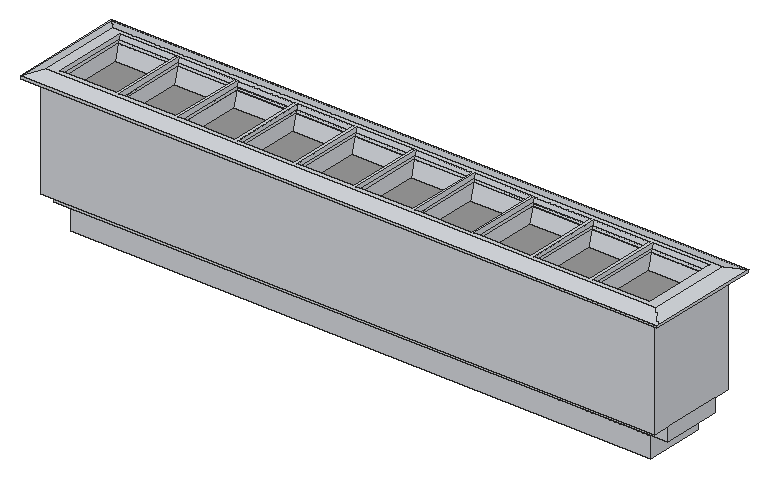
Revit family "2061197 Sylvania Lighting Fixture DOMINO 10xLED 940 BLACK MB TRIM WHITE", category Lighting Fixtures, host Face, Revit 2018
Family settings
  Host = Face
  Round Connector Dimension = Use Diameter
  Part Type = Normal
  OmniClass Number = 23.80.70.00
  OmniClass Title = Lighting
  Cut with Voids When Loaded = No
  Light Source = Yes
  Shared = No
  Room Calculation Point = No
Parameters (values of type "2061197 DOMINO 10XLED 940 BLACK MB TR WHT ")
  top top width = 15.812 mm
  top top length = 255 mm
  Width = 50 mm
  Weight = "n/a"
  Wattage Comments = ""
  Wattage = 9.2903 W
  WarrantyStartDate [instance] = "n/a"
  WarrantyGuarantorParts = "n/a"
  WarrantyDurationUnit = "n/a"
  WarrantyDurationParts = ""
  WarrantyDescription = "http://www.sylvania-lighting.com"
  built-in parameter 1150110 = 1 (stored number, unit not read)
  Voltage = 0 V
  URL = "0.95"
  TypeName = "DOMINO 10xLED 940 BLACK MB TRIM WHITE"
  Type Image = <None>
  Type Comments = "n/a"
  built-in parameter 1114217 = 1 (stored number, unit not read)
  Top Width = 26 mm
  Tilt Angle = 90.00°
  built-in parameter 1150109 = 1 (stored number, unit not read)
  built-in parameter 1150134 = 3
  built-in parameter 1150113 = 1 (stored number, unit not read)
  SerialNumber [instance] = "n/a"
  Recessed Width = 43 mm
  Recessed Length = 276 mm
  Photometric Web File = "2061197.ies"
  Material_3_FEILO = none
  PowerFactor = 0
  PowerConsumption = "Lighting"
  NominalLength = 50 mm
  NominalHeight = 0 mm
  NominalDepth = 0 mm
  Name = "DOMINO 10xLED 940 BLACK MB TRIM WHITE"
  ModelReference = Name  # "DOMINO 10xLED 940 BLACK MB TRIM WHITE"
  ModelNumber = "2061197"
  Model = Name  # "DOMINO 10xLED 940 BLACK MB TRIM WHITE"
  Material = "Feilo Sylvania"
  ManufacturerName = "67 lm/W"
  Manufacturer = ""
  LuminousEfficacy = ""
  built-in parameter 1150105 = 109.82 (stored number, unit not read)
  Lumens = 1380 lm
  LuminaireType = "0"
  built-in parameter 1150115 = 1 (stored number, unit not read)
  LightOutputRatio = "LED"
  built-in parameter 1150137 = (empty or 0)
  built-in parameter 1150139 = (empty or 0)
  Lens inside recess = 25 mm
  Lens Width = 32 mm
  Lens Outside recess = 31.978 mm
  Lens = Glass, White, High Luminance
  Length = 280 mm
  LampsType = Lamp  # "n/a"
  LampNominalLuminous = "4000 K"
  LampMacAdamStep = "90"
  LampColourTemperature = "LED"
  LampColourRenderingIndex = "16500"
  built-in parameter 1150112 = 1 (stored number, unit not read)
  built-in parameter 1150114 = 1 (stored number, unit not read)
  Lamp = "n/a"
  Keynote = "n/a"
  InstallationDate [instance] = "n/a"
  InputVoltage = "0"
  InputNominalFrequency = "4000"
  built-in parameter 1150132 = (empty or 0)
  built-in parameter 1150102 = (empty or 0)
  built-in parameter 1150107 = 3200 (stored number, unit not read)
  built-in parameter 1150138 = (empty or 0)
  IngressProtection = "IfcLightFixtureType"
  ImpactProtectionIndex = "IfcLightFixtureType"
  built-in parameter 1150106 = 1.0982 (stored number, unit not read)
  IfcExportType = "IfcLightFixtureType"
  IfcExportAs = "Class II"
  Facia internal width = 37 mm
  Facia internal length = 268 mm
  Facia Height = 2 mm
  ExpectedLife = 50000
  Emit from Circle Diameter = 609.6 mm
  Emit Shape Visible in Rendering = no
  ElectricShockClassification = "67"
  built-in parameter 1150104 = 13.8 (stored number, unit not read)
  DurationUnit = "hours"
  DocumentationLiterature = "http://www.sylvania-lighting.com/product/en-int/products/2061197"
  DimmingControlOptions = "n/a"
  Material_2_FEILO = none
  Dimming Lamp Color Temperature Shift = <None>
  Description = "Modular LED recessed linear spotlight, ideal for retail and hospitality applications. Die-cast aluminium body, passive cooling. Two levels of reflector installation, low glaring UGR<16. 10x LED source, 30° beam angle , optics: PMMA lens and polycarbonate reflector combination, Black matt reflector finish. Light color temperature: 4000K neutral white, total system power: 23W , total fixture lumen output: 1525lm, efficacy: 67 lm/W, Ra90 typical, LED chromacity: 3 step MacAdam ellipse (SDCM3), lifespan: 96,000 hours at 90% of the original output (L90B10), IR/UV free light source without heat radiation, operating voltage: 220-240V / 50-60Hz, electronic driver, ultra low flicker, non-dimmable , electrical protection: Class II. Degree of Protection: IP40/IP20, suitable for indoor environment only. Ceiling cut-out: 43x43mm, outer dimensions:  280x50mm trim frame RAL 9016 - Traffic white / Bezel color.5 years Warranty."
  Default Elevation = 1219.2 mm
  CreatedOn = "11/02/2021"
  CreatedBy = "@sylvania-lighting.com"
  Cost = 0
  Color Filter = 16777215
  built-in parameter 1114216 [instance] = (empty or 0)
  ClassificationValue = "EF_70_80"
  ClassificationName = "Uniclass2015"
  Material_1_FEILO = none
  Body Width = 40 mm
  Body Length = 270 mm
  BarCode [instance] = "n/a"
  built-in parameter 1114218 = 1 (stored number, unit not read)
  built-in parameter 1150133 = 10 (stored number, unit not read)
  AssetType = "Fixed"
  AssetIdentifier [instance] = "n/a"
  Assembly Code = "D5020200"
  Apparent Load = 23 VA
  Material_4_FEILO = none
Reference planes
  plane 1 "Center (Front/Back)": y = 0
  plane 2: z = 0
  plane 3 "Center (Left/Right)": x = 0
  plane 4: z = 0
  plane 5: z = -7
  plane 6: z = -45.895
  plane 7: z = -51.895
  plane 8: z = -60.895
  plane 9: x = -138
  plane 10: x = 138
  plane 11: y = 21.5
  plane 12: y = -21.5
  plane 13: x = -140
  plane 14: x = 140
  plane 15: y = 25
  plane 16: y = -25
  plane 17: x = 134
  plane 18: x = -134
  plane 19: y = 18.5
  plane 20: y = -18.5
  plane 21: z = 2
  plane 22: x = -135
  plane 23: x = 135
  plane 24: y = 20
  plane 25: y = -20
  plane 26: y = 13
  plane 27: y = -13
  plane 28: x = 127.5
  plane 29: x = -127.5
  plane 30: x = -132
  plane 31: y = 16.5
  plane 32: y = -16.472
  plane 33: y = 13
  plane 34: y = -12.972
  plane 35: x = 129.7
  plane 36: x = 127.224
Forms (mm)
  Extrusion 1, solid, not visible, detail levels medium+fine
    sketch origin (4.2, 0, 0) x (1, 0, 0) y (0, 1, 0)
      loop
        line (-29.2, 34.5) -> (-29.2, -34.5) -> (20.8, -34.5) -> (20.8, 34.5) -> (-29.2, 34.5)
    from 0 to 1
  Extrusion 2, solid, not visible, detail levels medium+fine
    sketch origin (4.044, 0, 0) x (1, 0, 0) y (0, 1, 0)
      loop
        line (-29.2, 34.5) -> (-29.2, -34.5) -> (20.8, -34.5) -> (20.8, 34.5) -> (-29.2, 34.5)
    from 0 to 1
  Blend 3, solid, not visible, detail levels medium+fine
    base sketch origin (4.2, 0, 0) x (1, 0, 0) y (0, 1, 0)
      loop
        line (-29.2, 34.5) -> (-29.2, -34.5) -> (20.8, -34.5) -> (20.8, 34.5) -> (-29.2, 34.5)
    top sketch origin (4.2, 0, 0) x (1, 0, 0) y (0, 1, 0)
      loop
        line (-21.7, 28) -> (-21.7, -28) -> (13.3, -28) -> (13.3, 28) -> (-21.7, 28)
    from 1 to 3
  Extrusion 4, solid, not visible, detail levels medium+fine
    sketch origin (3.419, 0, 0) x (1, 0, 0) y (0, 1, 0)
      loop
        line (-29.2, 34.5) -> (-29.2, -34.5) -> (20.8, -34.5) -> (20.8, 34.5) -> (-29.2, 34.5)
    from 0 to 1
  Blend 5, solid, not visible, detail levels medium+fine
    base sketch origin (3.575, 0, 0) x (1, 0, 0) y (0, 1, 0)
      loop
        line (-29.2, 34.5) -> (-29.2, -34.5) -> (20.8, -34.5) -> (20.8, 34.5) -> (-29.2, 34.5)
    top sketch origin (3.575, 0, 0) x (1, 0, 0) y (0, 1, 0)
      loop
        line (-21.7, 28) -> (-21.7, -28) -> (13.3, -28) -> (13.3, 28) -> (-21.7, 28)
    from 1 to 3
  Extrusion 6, solid, not visible, detail levels medium+fine
    sketch origin (4.247, 0, 0) x (1, 0, 0) y (0, 1, 0)
      loop
        line (-29.2, 34.5) -> (-29.2, -34.5) -> (20.8, -34.5) -> (20.8, 34.5) -> (-29.2, 34.5)
    from 0 to 1
  Blend 7, solid, not visible, detail levels medium+fine
    base sketch origin (4.403, 0, 0) x (1, 0, 0) y (0, 1, 0)
      loop
        line (-29.2, 34.5) -> (-29.2, -34.5) -> (20.8, -34.5) -> (20.8, 34.5) -> (-29.2, 34.5)
    top sketch origin (4.403, 0, 0) x (1, 0, 0) y (0, 1, 0)
      loop
        line (-21.7, 28) -> (-21.7, -28) -> (13.3, -28) -> (13.3, 28) -> (-21.7, 28)
    from 1 to 3
  Extrusion 8, void, detail levels medium+fine
    sketch origin (4.2, 0, 0) x (0, 1, 0) y (1, 0, 0)
      loop
        line (21.5, -142.2) -> (21.5, 133.8) -> (-21.5, 133.8) -> (-21.5, -142.2) -> (21.5, -142.2)
    from -9.934 to 83.097
  Extrusion 9, solid, detail levels medium+fine
    sketch origin (4.2, 0, 0) x (1, 0, 0) y (0, 1, 0)
      loop
        line (-144.2, 25) -> (-144.2, -25) -> (135.8, -25) -> (135.8, 25) -> (-144.2, 25)
    from 0 to 1
  Extrusion 10, solid, detail levels medium+fine
    sketch origin (4.2, 0, 0) x (1, 0, 0) y (0, 1, 0)
      loop
        line (-139.2, 20) -> (-139.2, -20) -> (130.8, -20) -> (130.8, 20) -> (-139.2, 20)
    from 0 to -45.895
  Extrusion 11, solid, detail levels medium+fine
    sketch origin (4.2, 0, 0) x (1, 0, 0) y (0, 1, 0)
      loop
        line (-139.2, 13) -> (-139.2, -13) -> (130.8, -13) -> (130.8, 13) -> (-139.2, 13)
    from -51.895 to -45.895
  Extrusion 12, solid, material "Glass, White, High Luminance" <- "Lens", detail levels fine
    sketch origin (-53.155, 1221.106, 36.156) x (1, 0, 0) y (0, 1, 0)
      loop
        line (-76.18, -1206.856) -> (-76.18, -1232.856) -> (-52.18, -1232.856) -> (-52.18, -1206.856) -> (-76.18, -1206.856)
    from -43.156 to -42.182
  Blend 13, solid, detail levels medium+fine
    base sketch origin (4.2, 0, 0) x (1, 0, 0) y (0, 1, 0)
      loop
        line (-144.2, 25) -> (-144.2, -25) -> (135.8, -25) -> (135.8, 25) -> (-144.2, 25)
    top sketch origin (4.2, 0, 0) x (1, 0, 0) y (0, 1, 0)
      loop
        line (-138.2, 18.5) -> (-138.2, -18.5) -> (129.8, -18.5) -> (129.8, 18.5) -> (-138.2, 18.5)
    from 1 to 3
  Extrusion 14, solid, detail levels fine
    sketch origin (0, 0, 0) x (1, 0, 0) y (0, 0, 1)
      loop
        line (-127.5, -51.895) -> (-127.5, -60.895) -> (127.5, -60.895) -> (127.5, -51.895) -> (-127.5, -51.895)
    from -13 to 13
  Blend 15, void
    base sketch origin (-59.8, 0, 0) x (0, 1, 0) y (-1, 0, 0)
      loop
        line (16.5, 69.7) -> (-16.472, 69.7) -> (-16.472, 44.7) -> (16.5, 44.7) -> (16.5, 69.7)
    top sketch origin (-59.8, 0, 0) x (0, 1, 0) y (-1, 0, 0)
      loop
        line (13, 69.2) -> (-12.972, 69.2) -> (-12.972, 45.2) -> (13, 45.2) -> (13, 69.2)
    from 3 to -7
  Blend 16, void
    base sketch origin (18.282, 0, 0) x (0, 1, 0) y (-1, 0, 0)
      loop
        line (16.5, 69.7) -> (-16.472, 69.7) -> (-16.472, 44.7) -> (16.5, 44.7) -> (16.5, 69.7)
    top sketch origin (18.282, 0, 0) x (0, 1, 0) y (-1, 0, 0)
      loop
        line (13, 69.2) -> (-12.972, 69.2) -> (-12.972, 45.2) -> (13, 45.2) -> (13, 69.2)
    from 3 to -7
  Blend 17, void
    base sketch origin (44.284, -0.017, 0) x (0, 1, 0) y (-1, 0, 0)
      loop
        line (16.5, 69.7) -> (-16.472, 69.7) -> (-16.472, 44.7) -> (16.5, 44.7) -> (16.5, 69.7)
    top sketch origin (44.284, -0.017, 0) x (0, 1, 0) y (-1, 0, 0)
      loop
        line (13, 69.2) -> (-12.972, 69.2) -> (-12.972, 45.2) -> (13, 45.2) -> (13, 69.2)
    from 3 to -7
  Blend 18, void
    base sketch origin (70.327, 0, 0) x (0, 1, 0) y (-1, 0, 0)
      loop
        line (16.5, 69.7) -> (-16.472, 69.7) -> (-16.472, 44.7) -> (16.5, 44.7) -> (16.5, 69.7)
    top sketch origin (70.327, 0, 0) x (0, 1, 0) y (-1, 0, 0)
      loop
        line (13, 69.2) -> (-12.972, 69.2) -> (-12.972, 45.2) -> (13, 45.2) -> (13, 69.2)
    from 3 to -7
  Blend 19, void
    base sketch origin (96.351, 0, 0) x (0, 1, 0) y (-1, 0, 0)
      loop
        line (16.5, 69.7) -> (-16.472, 69.7) -> (-16.472, 44.7) -> (16.5, 44.7) -> (16.5, 69.7)
    top sketch origin (96.351, 0, 0) x (0, 1, 0) y (-1, 0, 0)
      loop
        line (13, 69.2) -> (-12.972, 69.2) -> (-12.972, 45.2) -> (13, 45.2) -> (13, 69.2)
    from 3 to -7
  Extrusion 20, solid, material "Glass, White, High Luminance" <- "Lens", detail levels fine
    sketch origin (-29.269, 1219.946, 36.156) x (1, 0, 0) y (0, 1, 0)
      loop
        line (-73.723, -1206.946) -> (-73.723, -1232.946) -> (-49.723, -1232.946) -> (-49.723, -1206.946) -> (-73.723, -1206.946)
    from -43.156 to -42.182
  Extrusion 21, solid, material "Glass, White, High Luminance" <- "Lens", detail levels fine
    sketch origin (-0.613, 1219.733, 36.156) x (1, 0, 0) y (0, 1, 0)
      loop
        line (-76.347, -1206.7) -> (-76.347, -1232.733) -> (-52.347, -1232.733) -> (-52.347, -1206.7) -> (-76.347, -1206.7)
    from -43.156 to -42.182
  Extrusion 22, solid, material "Glass, White, High Luminance" <- "Lens", detail levels fine
    sketch origin (24.387, 1218.509, 36.156) x (1, 0, 0) y (0, 1, 0)
      loop
        line (-75.305, -1205.509) -> (-75.305, -1231.509) -> (-51.305, -1231.509) -> (-51.305, -1205.509) -> (-75.305, -1205.509)
    from -43.156 to -42.182
  Extrusion 23, solid, material "Glass, White, High Luminance" <- "Lens", detail levels fine
    sketch origin (51.187, 1219.547, 36.156) x (1, 0, 0) y (0, 1, 0)
      loop
        line (-76.102, -1206.547) -> (-76.102, -1232.547) -> (-52.102, -1232.547) -> (-52.102, -1206.547) -> (-76.102, -1206.547)
    from -43.156 to -42.182
  Blend 24, void
    base sketch origin (-33.792, 0, 0) x (0, 1, 0) y (-1, 0, 0)
      loop
        line (16.5, 69.7) -> (-16.472, 69.7) -> (-16.472, 44.7) -> (16.5, 44.7) -> (16.5, 69.7)
    top sketch origin (-33.792, 0, 0) x (0, 1, 0) y (-1, 0, 0)
      loop
        line (13, 69.2) -> (-12.972, 69.2) -> (-12.972, 45.2) -> (13, 45.2) -> (13, 69.2)
    from 3 to -7
  Blend 25, void
    base sketch origin (-7.76, 0, 0) x (0, 1, 0) y (-1, 0, 0)
      loop
        line (16.5, 69.7) -> (-16.472, 69.7) -> (-16.472, 44.7) -> (16.5, 44.7) -> (16.5, 69.7)
    top sketch origin (-7.76, 0, 0) x (0, 1, 0) y (-1, 0, 0)
      loop
        line (13, 69.2) -> (-12.972, 69.2) -> (-12.972, 45.2) -> (13, 45.2) -> (13, 69.2)
    from 3 to -7
  Blend 26, void
    base sketch origin (122.411, 0, 0) x (0, 1, 0) y (-1, 0, 0)
      loop
        line (16.5, 69.7) -> (-16.472, 69.7) -> (-16.472, 44.7) -> (16.5, 44.7) -> (16.5, 69.7)
    top sketch origin (122.411, 0, 0) x (0, 1, 0) y (-1, 0, 0)
      loop
        line (13, 69.2) -> (-12.972, 69.2) -> (-12.972, 45.2) -> (13, 45.2) -> (13, 69.2)
    from 3 to -7
  Extrusion 27, solid, material "Glass, White, High Luminance" <- "Lens", detail levels fine
    sketch origin (77.265, 1219.547, 36.156) x (1, 0, 0) y (0, 1, 0)
      loop
        line (-76.102, -1206.547) -> (-76.102, -1232.547) -> (-52.102, -1232.547) -> (-52.102, -1206.547) -> (-76.102, -1206.547)
    from -43.156 to -42.182
  Extrusion 28, solid, material "Glass, White, High Luminance" <- "Lens", detail levels fine
    sketch origin (100.753, 1219.547, 36.156) x (1, 0, 0) y (0, 1, 0)
      loop
        line (-76.102, -1206.547) -> (-76.102, -1232.547) -> (-52.102, -1232.547) -> (-52.102, -1206.547) -> (-76.102, -1206.547)
    from -43.156 to -42.182
  Extrusion 29, solid, material "Glass, White, High Luminance" <- "Lens", detail levels fine
    sketch origin (129.314, 1219.547, 36.156) x (1, 0, 0) y (0, 1, 0)
      loop
        line (-76.102, -1206.547) -> (-76.102, -1232.547) -> (-52.102, -1232.547) -> (-52.102, -1206.547) -> (-76.102, -1206.547)
    from -43.156 to -42.182
  Blend 30, void
    base sketch origin (148.416, 0, 0) x (0, 1, 0) y (-1, 0, 0)
      loop
        line (16.5, 69.7) -> (-16.472, 69.7) -> (-16.472, 44.7) -> (16.5, 44.7) -> (16.5, 69.7)
    top sketch origin (148.416, 0, 0) x (0, 1, 0) y (-1, 0, 0)
      loop
        line (13, 69.2) -> (-12.972, 69.2) -> (-12.972, 45.2) -> (13, 45.2) -> (13, 69.2)
    from 3 to -7
  Extrusion 31, solid, material "Glass, White, High Luminance" <- "Lens", detail levels fine
    sketch origin (155.278, 1219.547, 36.156) x (1, 0, 0) y (0, 1, 0)
      loop
        line (-76.102, -1206.547) -> (-76.102, -1232.547) -> (-52.102, -1232.547) -> (-52.102, -1206.547) -> (-76.102, -1206.547)
    from -43.156 to -42.182
  Blend 32, void
    base sketch origin (174.42, 0, 0) x (0, 1, 0) y (-1, 0, 0)
      loop
        line (16.5, 69.7) -> (-16.472, 69.7) -> (-16.472, 44.7) -> (16.5, 44.7) -> (16.5, 69.7)
    top sketch origin (174.42, 0, 0) x (0, 1, 0) y (-1, 0, 0)
      loop
        line (13, 69.2) -> (-12.972, 69.2) -> (-12.972, 45.2) -> (13, 45.2) -> (13, 69.2)
    from 3 to -7
  Extrusion 33, solid, material "Glass, White, High Luminance" <- "Lens", detail levels fine
    sketch origin (181.434, 1219.547, 36.156) x (1, 0, 0) y (0, 1, 0)
      loop
        line (-76.214, -1206.547) -> (-76.214, -1232.547) -> (-52.214, -1232.547) -> (-52.214, -1206.547) -> (-76.214, -1206.547)
    from -43.156 to -42.182
  Extrusion 34, solid, detail levels coarse
    sketch origin (4.2, 0, 0) x (1, 0, 0) y (0, 1, 0)
      loop
        line (-144.2, 25) -> (-144.2, -25) -> (135.8, -25) -> (135.8, 25) -> (-144.2, 25)
    from -60.895 to 3
Cuts and joins
  Blend 15, Blend 16, Blend 17, Blend 18, Blend 19, Blend 24, Blend 25, Blend 26, Blend 30, Blend 32 cuts Extrusion 9
  Blend 15, Blend 16, Blend 17, Blend 18, Blend 19, Blend 24, Blend 25, Blend 26, Blend 30, Blend 32 cuts Extrusion 10
  Blend 15, Blend 16, Blend 17, Blend 18, Blend 19, Blend 24, Blend 25, Blend 26, Blend 30, Blend 32 cuts Blend 13
  Blend 32 cuts Extrusion 31
Dimensions and locks
  "Recessed Length": plane 9 to plane 10
  equal spacing: plane 9, plane 3 "Center (Left/Right)", plane 10
  "Length": plane 13 to plane 14
  equal spacing: plane 13, plane 3 "Center (Left/Right)", plane 14
  "Recessed Width": plane 11 to plane 12
  equal spacing: plane 11, plane 1 "Center (Front/Back)", plane 12
  "Width": plane 15 to plane 16
  equal spacing: plane 15, plane 1 "Center (Front/Back)", plane 16
  "Facia internal length": plane 18 to plane 17
  equal spacing: plane 18, plane 3 "Center (Left/Right)", plane 17
  "Facia internal width": plane 19 to plane 20
  equal spacing: plane 19, plane 1 "Center (Front/Back)", plane 20
  "Facia Height": plane 21 to host face
  "Body Length": plane 22 to plane 23
  equal spacing: plane 22, plane 3 "Center (Left/Right)", plane 23
  "Body Width": plane 24 to plane 25
  equal spacing: plane 24, plane 1 "Center (Front/Back)", plane 25
  "Top Width": plane 26 to plane 27
  equal spacing: plane 26, plane 1 "Center (Front/Back)", plane 27
  "top top length": plane 29 to plane 28
  equal spacing: plane 29, plane 3 "Center (Left/Right)", plane 28  (x2)
  plane 28 to plane 29 = 255 mm
  equal spacing: plane 28, plane 3 "Center (Left/Right)", plane 29
  aligned and locked: plane 2 to host face
  aligned and locked: level to host face
  aligned and locked: Extrusion 11 to plane 7
  aligned and locked: Extrusion 10 to plane 6
  aligned and locked: Extrusion 12 to plane 5
Automatic sketch dimensions
  Extrusion 1 sketch curve to Extrusion 1 sketch curve = 50 mm
  Extrusion 1 sketch curve to Extrusion 1 sketch curve = 69 mm
  Extrusion 2 sketch curve to Extrusion 2 sketch curve = 50 mm
  Extrusion 2 sketch curve to Extrusion 2 sketch curve = 69 mm
  Blend 3 sketch curve to Blend 3 sketch curve = 50 mm
  Blend 3 sketch curve to Blend 3 sketch curve = 69 mm
  Blend 3 sketch curve to Blend 3 sketch curve = 35 mm
  Blend 3 sketch curve to Blend 3 sketch curve = 56 mm
  Extrusion 4 sketch curve to Extrusion 4 sketch curve = 50 mm
  Extrusion 4 sketch curve to Extrusion 4 sketch curve = 69 mm
  Blend 5 sketch curve to Blend 5 sketch curve = 50 mm
  Blend 5 sketch curve to Blend 5 sketch curve = 69 mm
  Blend 5 sketch curve to Blend 5 sketch curve = 35 mm
  Blend 5 sketch curve to Blend 5 sketch curve = 56 mm
  Extrusion 6 sketch curve to Extrusion 6 sketch curve = 50 mm
  Extrusion 6 sketch curve to Extrusion 6 sketch curve = 69 mm
  Blend 7 sketch curve to Blend 7 sketch curve = 50 mm
  Blend 7 sketch curve to Blend 7 sketch curve = 69 mm
  Blend 7 sketch curve to Blend 7 sketch curve = 35 mm
  Blend 7 sketch curve to Blend 7 sketch curve = 56 mm
  host sketch curve to host sketch curve = 2438.4 mm  (x2)
  Extrusion 8 sketch curve to plane 9 = 0 mm
  Extrusion 8 sketch curve to plane 12 = 0 mm
  Extrusion 8 sketch curve to plane 11 = 0 mm
  Extrusion 8 sketch curve to plane 10 = 0 mm
  Extrusion 9 sketch curve to plane 13 = 0 mm
  Extrusion 9 sketch curve to plane 14 = 0 mm
  Extrusion 9 sketch curve to plane 16 = 0 mm
  Extrusion 9 sketch curve to plane 15 = 0 mm
  Extrusion 10 sketch curve to plane 22 = 0 mm
  Extrusion 10 sketch curve to plane 23 = 0 mm
  Extrusion 10 sketch curve to plane 25 = 0 mm
  Extrusion 10 sketch curve to plane 24 = 0 mm
  Extrusion 11 sketch curve to plane 22 = 0 mm
  Extrusion 11 sketch curve to plane 23 = 0 mm
  Extrusion 11 sketch curve to plane 27 = 0 mm
  plane 26 to Extrusion 11 sketch curve = 0 mm
  plane 27 to Extrusion 12 sketch curve = 1.25 mm
  plane 26 to Extrusion 12 sketch curve = 1.25 mm
  plane 30 to Extrusion 12 sketch curve = 2.665 mm
  Blend 13 sketch curve to plane 13 = 0 mm
  Blend 13 sketch curve to plane 14 = 0 mm
  Blend 13 sketch curve to plane 16 = 0 mm
  Blend 13 sketch curve to plane 15 = 0 mm
  Blend 13 sketch curve to plane 18 = 0 mm
  Blend 13 sketch curve to plane 17 = 0 mm
  Blend 13 sketch curve to plane 20 = 0 mm
  Blend 13 sketch curve to plane 19 = 0 mm
  Extrusion 14 sketch curve to plane 8 = 0 mm
  Extrusion 14 sketch curve to plane 29 = 0 mm
  Extrusion 14 sketch curve to plane 28 = 0 mm
  Extrusion 14 sketch curve to plane 7 = 0 mm
  plane 30 to Blend 15 sketch curve = 2.5 mm
  Blend 15 sketch curve to plane 32 = 0 mm
  Blend 15 sketch curve to plane 31 = 0 mm
  Blend 15 sketch curve to plane 34 = 0 mm
  Blend 15 sketch curve to plane 26 = 0 mm
  plane 30 to Blend 15 sketch curve = 3 mm
  Blend 16 sketch curve to plane 32 = 0 mm
  Blend 16 sketch curve to plane 31 = 0 mm
  Blend 16 sketch curve to plane 34 = 0 mm
  Blend 16 sketch curve to plane 26 = 0 mm
  Blend 17 sketch curve to plane 32 = 0.017 mm
  Blend 17 sketch curve to plane 31 = 0.017 mm
  plane 27 to Blend 17 sketch curve = 0.011 mm
  Blend 17 sketch curve to plane 26 = 0.017 mm
  plane 32 to Blend 18 sketch curve = 0 mm
  plane 31 to Blend 18 sketch curve = 0 mm
  plane 34 to Blend 18 sketch curve = 0 mm
  plane 26 to Blend 18 sketch curve = 0 mm
  Blend 19 sketch curve to plane 32 = 0 mm
  Blend 19 sketch curve to plane 31 = 0 mm
  Blend 19 sketch curve to plane 34 = 0 mm
  Blend 19 sketch curve to plane 26 = 0 mm
  Extrusion 20 sketch curve to plane 27 = 0 mm
  Extrusion 20 sketch curve to plane 26 = 0 mm
  Extrusion 21 sketch curve to plane 27 = 0 mm
  plane 26 to Extrusion 21 sketch curve = 0.033 mm
  Extrusion 22 sketch curve to plane 27 = 0 mm
  Extrusion 22 sketch curve to plane 26 = 0 mm
  Extrusion 23 sketch curve to plane 27 = 0 mm
  Extrusion 23 sketch curve to plane 26 = 0 mm
  Blend 24 sketch curve to plane 32 = 0 mm
  Blend 24 sketch curve to plane 31 = 0 mm
  Blend 24 sketch curve to plane 34 = 0 mm
  Blend 24 sketch curve to plane 26 = 0 mm
  Blend 25 sketch curve to plane 32 = 0 mm
  Blend 25 sketch curve to plane 31 = 0 mm
  Blend 25 sketch curve to plane 34 = 0 mm
  Blend 25 sketch curve to plane 26 = 0 mm
  Blend 26 sketch curve to plane 32 = 0 mm
  Blend 26 sketch curve to plane 31 = 0 mm
  Blend 26 sketch curve to plane 34 = 0 mm
  Blend 26 sketch curve to plane 26 = 0 mm
  Extrusion 27 sketch curve to plane 27 = 0 mm
  Extrusion 27 sketch curve to plane 26 = 0 mm
  Extrusion 28 sketch curve to plane 27 = 0 mm
  Extrusion 28 sketch curve to plane 26 = 0 mm
  Extrusion 29 sketch curve to plane 27 = 0 mm
  Extrusion 29 sketch curve to plane 26 = 0 mm
  Blend 30 sketch curve to plane 32 = 0 mm
  Blend 30 sketch curve to plane 31 = 0 mm
  Blend 30 sketch curve to plane 34 = 0 mm
  Blend 30 sketch curve to plane 26 = 0 mm
  Extrusion 31 sketch curve to plane 27 = 0 mm
  Extrusion 31 sketch curve to plane 26 = 0 mm
  Blend 32 sketch curve to plane 32 = 0 mm
  Blend 32 sketch curve to plane 31 = 0 mm
  plane 28 to Blend 32 sketch curve = 2.22 mm
  Blend 32 sketch curve to plane 34 = 0 mm
  Blend 32 sketch curve to plane 26 = 0 mm
  plane 28 to Blend 32 sketch curve = 1.72 mm
  plane 27 to Extrusion 33 sketch curve = 0 mm
  plane 26 to Extrusion 33 sketch curve = 0 mm
  plane 28 to Extrusion 33 sketch curve = 1.72 mm
  Extrusion 21 sketch curve to Extrusion 21 sketch curve = 24 mm
  Blend 25 sketch curve to Blend 25 sketch curve = 24 mm
  plane 29 to Extrusion 12 sketch curve = 22.165 mm
  plane 29 to Blend 15 sketch curve = 23 mm
  plane 29 to Blend 15 sketch curve = 22.5 mm
  plane 29 to Extrusion 20 sketch curve = 24.508 mm
  Extrusion 20 sketch curve to Extrusion 20 sketch curve = 24 mm
  plane 29 to Blend 24 sketch curve = 49.008 mm
  plane 29 to Blend 24 sketch curve = 24.008 mm
  plane 29 to Blend 24 sketch curve = 48.508 mm
  Blend 24 sketch curve to Blend 24 sketch curve = 24 mm
  Blend 25 sketch curve to Blend 25 sketch curve = 25 mm
  Blend 16 sketch curve to Blend 16 sketch curve = 25 mm
  Blend 16 sketch curve to Blend 16 sketch curve = 24 mm
  plane 29 to Extrusion 21 sketch curve = 50.54 mm
  Extrusion 22 sketch curve to Extrusion 22 sketch curve = 24 mm
  Blend 16 sketch curve to plane 3 "Center (Left/Right)" = 26.418 mm
  Blend 16 sketch curve to plane 3 "Center (Left/Right)" = 26.918 mm
  Blend 17 sketch curve to plane 3 "Center (Left/Right)" = 0.416 mm
  Blend 17 sketch curve to Blend 17 sketch curve = 25 mm
  Blend 17 sketch curve to plane 3 "Center (Left/Right)" = 0.916 mm
  Blend 17 sketch curve to Blend 17 sketch curve = 24 mm
  plane 3 "Center (Left/Right)" to Blend 18 sketch curve = 0.627 mm
  plane 3 "Center (Left/Right)" to Blend 18 sketch curve = 1.127 mm
  Extrusion 22 sketch curve to plane 3 "Center (Left/Right)" = 50.918 mm
  Extrusion 23 sketch curve to plane 3 "Center (Left/Right)" = 24.916 mm
  Extrusion 23 sketch curve to plane 3 "Center (Left/Right)" = 0.916 mm
  Blend 25 sketch curve to plane 3 "Center (Left/Right)" = 52.46 mm
  Blend 25 sketch curve to plane 3 "Center (Left/Right)" = 52.96 mm
  plane 3 "Center (Left/Right)" to Extrusion 27 sketch curve = 1.162 mm
  Blend 18 sketch curve to Blend 18 sketch curve = 25 mm
  Blend 18 sketch curve to Blend 18 sketch curve = 24 mm
  plane 3 "Center (Left/Right)" to Blend 19 sketch curve = 51.651 mm
  Blend 19 sketch curve to Blend 19 sketch curve = 25 mm
  plane 3 "Center (Left/Right)" to Blend 19 sketch curve = 51.151 mm
  Blend 19 sketch curve to Blend 19 sketch curve = 24 mm
  Blend 26 sketch curve to plane 36 = 49.513 mm
  Blend 26 sketch curve to Blend 26 sketch curve = 25 mm
  Blend 26 sketch curve to plane 36 = 50.013 mm
  Blend 26 sketch curve to Blend 26 sketch curve = 24 mm
  Extrusion 27 sketch curve to Extrusion 27 sketch curve = 24 mm
  plane 3 "Center (Left/Right)" to Extrusion 28 sketch curve = 24.651 mm
  Extrusion 28 sketch curve to Extrusion 28 sketch curve = 24 mm
  plane 3 "Center (Left/Right)" to Extrusion 29 sketch curve = 53.211 mm
  Extrusion 29 sketch curve to Extrusion 29 sketch curve = 24 mm
  Blend 30 sketch curve to plane 36 = 23.508 mm
  Blend 30 sketch curve to Blend 30 sketch curve = 25 mm
  Blend 30 sketch curve to plane 36 = 24.008 mm
  Blend 30 sketch curve to Blend 30 sketch curve = 24 mm
  Extrusion 31 sketch curve to plane 36 = 48.048 mm
  Extrusion 31 sketch curve to Extrusion 31 sketch curve = 24 mm
  Blend 32 sketch curve to plane 36 = 22.504 mm
  Blend 32 sketch curve to plane 36 = 22.004 mm
  Extrusion 33 sketch curve to plane 36 = 22.004 mm
  Extrusion 34 sketch curve to plane 13 = 0 mm
  Extrusion 34 sketch curve to plane 14 = 0 mm
  Extrusion 34 sketch curve to plane 16 = 0 mm
  Extrusion 34 sketch curve to plane 15 = 0 mm
Connectors
  electrical at (0, 0, -60.895)
    settings: on Extrusion 14, index 1, voltage 0 V, apparent load 0 VA, apparent load phase1 0 VA, apparent load phase2 0 VA, apparent load phase3 0 VA, power factor 1, load classification "Other", number of poles 1, system type 31, power factor state 1, is connector primary yes, connector utility no, sub classification motor no, connector description ""
